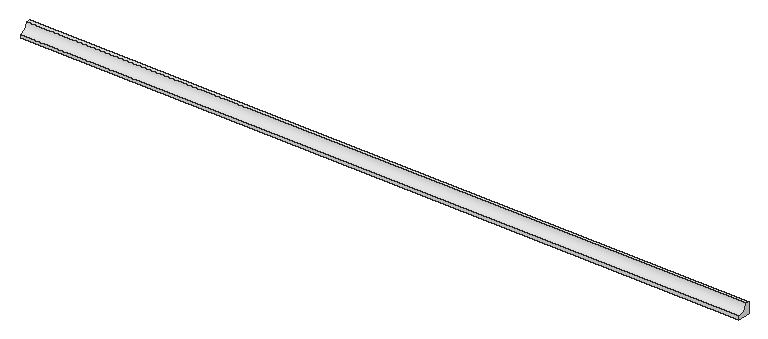
Revit family "13-MOULDING-CADS-160-PCBSCOTIACOVE-4-REVIT_Versatex-Generic-Model-SCOTIA-COVE", category Generic Models, host Face, Revit 2026
Family settings
  Host = Face
  Can host rebar = No
  Round Connector Dimension = Use Diameter
  Part Type = Normal
  Cut with Voids When Loaded = No
  Maintain Annotation Orientation = No
  Shared = No
  Room Calculation Point = No
Parameters
  Model = "PCBSCOTIACOVE"
  Length = 4' - 0"
  Warranty = "https://versatex.com/warranty/"
  URL = "https://versatex.com/"
  Specification = "https://www.arcat.com/company/versatex-45716/spec?coid=45716"
  Sales Information = "https://versatex.com/dealer-locator/"
  Message Manufacturer = "https://versatex.com/contact/"
  Material = Versatex PVC - Smooth
  Manufacturer Website = "https://versatex.com/"
  Manufacturer Phone = "724-857-1111"
  Manufacturer Fax = "724-857-1171"
  Manufacturer Address = "400 Steel Street, Aliquippa, PA 15001"
  Manufacturer = "Versatex"
  Literature = "https://versatex.com/literature/?_sft_literature_category=cads"
  Description = "SCOTIA COVE"
  Default Elevation = 4' - 0"
  Copyright = "© 2024 VERSATEX Building Products, LLC"
Reference planes (in)
  plane 1 "Center (Front/Back)": y = 0
  plane 2: z = 0
  plane 3 "Center (Left/Right)": x = 0
  plane 4: x = 24
  plane 5: x = -24
Forms (in)
  Sweep 1, solid, material "Versatex PVC - Smooth" <- "Material"
    path origin (0, 0, 0) x (1, 0, 0) y (0, 1, 0)
      loop
        line (-24, 0) -> (24, 0)
    profile "Versatex_Profile_SCOTIA COVE : Versatex_Profile_SCOTIA COVE" origin (0, 0, 0) x (0, 1, 0) y (0, 0, 1)
      loop
        arc (-0.20833, 0.74833) -> (-0.37272, 0.37039) -> (-0.75167, 0.20833) r 0.55806
        line (-0.75167, 0.20833) -> (-0.75167, 0) -> (0, 0) -> (0, 0.74833) -> (-0.20833, 0.74833)
Dimensions and locks (in)
  "Length": plane 5 to plane 4
  equal spacing: plane 5, plane 3 "Center (Left/Right)", plane 4, locked at 24 each
  aligned and locked: plane 2 to host face
  aligned and locked: level to host face
Automatic sketch dimensions
  host sketch curve to host sketch curve = 8' - 0"  (x2)
  plane 1 "Center (Front/Back)" to Sweep 1 sketch curve = 0' - 0"
  Sweep 1 sketch curve to plane 5 = 0' - 0"
  Sweep 1 sketch curve to plane 4 = 0' - 0"
